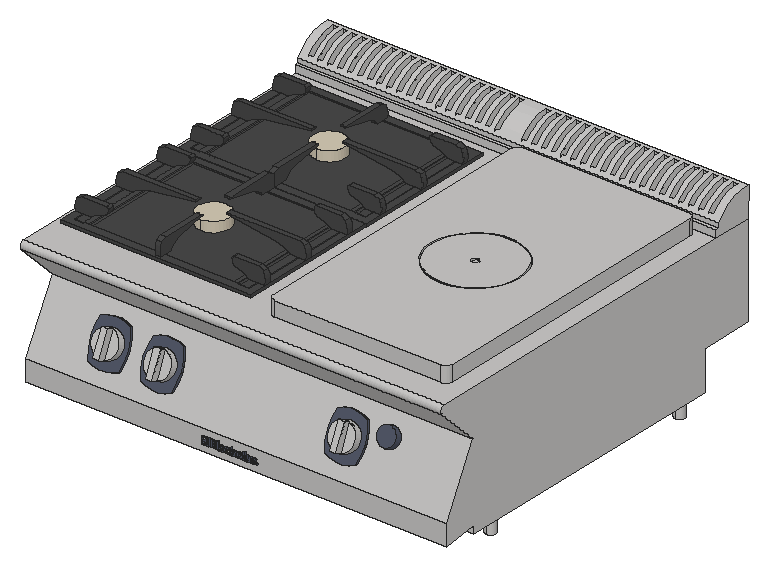
Revit family "QF_ELECTROLUXPROFESSIONAL_371011_E7STGH3000", category Specialty Equipment, Revit 2018 (continued)
Automatic sketch dimensions
  Extrusion 7 sketch curve to Extrusion 7 sketch curve = 0.787 mm
  Extrusion 7 sketch curve to Extrusion 7 sketch curve = 0.618 mm
  Extrusion 7 sketch curve to Extrusion 7 sketch curve = 1.672 mm
  Extrusion 7 sketch curve to Extrusion 7 sketch curve = 1.361 mm
  Extrusion 7 sketch curve to Extrusion 7 sketch curve = 0.822 mm
  Extrusion 7 sketch curve to Extrusion 7 sketch curve = 0.069 mm
  Extrusion 7 sketch curve to Extrusion 7 sketch curve = 1.88 mm
  Extrusion 7 sketch curve to Extrusion 7 sketch curve = 0.42 mm
  Extrusion 7 sketch curve to Extrusion 7 sketch curve = 0.062 mm
  Extrusion 7 sketch curve to Extrusion 7 sketch curve = 1.355 mm
  Extrusion 7 sketch curve to Extrusion 7 sketch curve = 2.34 mm
  Extrusion 7 sketch curve to Extrusion 7 sketch curve = 0.493 mm
  Extrusion 7 sketch curve to Extrusion 7 sketch curve = 0.136 mm
  Extrusion 7 sketch curve to Extrusion 7 sketch curve = 0.128 mm
  Extrusion 7 sketch curve to Extrusion 7 sketch curve = 3.616 mm
  Extrusion 7 sketch curve to Extrusion 7 sketch curve = 4.207 mm
  Extrusion 7 sketch curve to Extrusion 7 sketch curve = 0.183 mm
  Extrusion 7 sketch curve to Extrusion 7 sketch curve = 0.895 mm
  Extrusion 7 sketch curve to Extrusion 7 sketch curve = 1.314 mm
  Extrusion 7 sketch curve to Extrusion 7 sketch curve = 3.231 mm
  Extrusion 7 sketch curve to Extrusion 7 sketch curve = 1.299 mm
  Extrusion 7 sketch curve to Extrusion 7 sketch curve = 1.214 mm
  plane 7 "Center Y" to Extrusion 7 sketch curve = 12.508 mm
  Extrusion 7 sketch curve to Extrusion 7 sketch curve = 1.264 mm
  Extrusion 7 sketch curve to Extrusion 7 sketch curve = 0.109 mm
  Extrusion 7 sketch curve to Extrusion 7 sketch curve = 0.357 mm
  Extrusion 7 sketch curve to Extrusion 7 sketch curve = 0.565 mm
  Extrusion 7 sketch curve to Extrusion 7 sketch curve = 2.504 mm
  Extrusion 7 sketch curve to Extrusion 7 sketch curve = 2.459 mm
  Extrusion 7 sketch curve to Extrusion 7 sketch curve = 2.708 mm
  Extrusion 7 sketch curve to Extrusion 7 sketch curve = 3.333 mm
  Extrusion 7 sketch curve to Extrusion 7 sketch curve = 0.332 mm
  Extrusion 7 sketch curve to Extrusion 7 sketch curve = 1.087 mm
  Extrusion 7 sketch curve to Extrusion 7 sketch curve = 2.23 mm
  Extrusion 7 sketch curve to Extrusion 7 sketch curve = 2.757 mm
  Extrusion 7 sketch curve to Extrusion 7 sketch curve = 0.987 mm
  Extrusion 7 sketch curve to Extrusion 7 sketch curve = 1.529 mm
  Extrusion 7 sketch curve to Extrusion 7 sketch curve = 1.796 mm
  Extrusion 7 sketch curve to Extrusion 7 sketch curve = 2.859 mm
  Extrusion 7 sketch curve to Extrusion 7 sketch curve = 0.853 mm
  Extrusion 7 sketch curve to Extrusion 7 sketch curve = 1.241 mm
  Extrusion 7 sketch curve to Extrusion 7 sketch curve = 2.046 mm  (x2)
  Extrusion 7 sketch curve to Extrusion 7 sketch curve = 2.422 mm
  Extrusion 7 sketch curve to Extrusion 7 sketch curve = 0.27 mm  (x2)
  Extrusion 7 sketch curve to Extrusion 7 sketch curve = 0.69 mm
  Extrusion 7 sketch curve to Extrusion 7 sketch curve = 0.781 mm  (x2)
  Extrusion 7 sketch curve to Extrusion 7 sketch curve = 3.136 mm
  Extrusion 7 sketch curve to Extrusion 7 sketch curve = 1.767 mm
  Extrusion 7 sketch curve to Extrusion 7 sketch curve = 0.138 mm
  Extrusion 7 sketch curve to Extrusion 7 sketch curve = 0.777 mm
  Extrusion 7 sketch curve to Extrusion 7 sketch curve = 1.19 mm
  Extrusion 7 sketch curve to Extrusion 7 sketch curve = 0.782 mm
  Extrusion 7 sketch curve to Extrusion 7 sketch curve = 1.268 mm
  Extrusion 7 sketch curve to Extrusion 7 sketch curve = 0.422 mm  (x2)
  Extrusion 7 sketch curve to Extrusion 7 sketch curve = 1.559 mm
  Extrusion 7 sketch curve to Extrusion 7 sketch curve = 3.927 mm
  Extrusion 7 sketch curve to Extrusion 7 sketch curve = 0.983 mm
  Extrusion 7 sketch curve to Extrusion 7 sketch curve = 1.122 mm
  Extrusion 7 sketch curve to Extrusion 7 sketch curve = 1.153 mm
  Extrusion 7 sketch curve to Extrusion 7 sketch curve = 1.223 mm
  Extrusion 7 sketch curve to Extrusion 7 sketch curve = 0.934 mm
  plane 7 "Center Y" to Extrusion 7 sketch curve = 2.676 mm
  Extrusion 7 sketch curve to Extrusion 7 sketch curve = 0.222 mm
  plane 7 "Center Y" to Extrusion 7 sketch curve = 1.293 mm
  Extrusion 7 sketch curve to plane 7 "Center Y" = 1.266 mm
  Extrusion 7 sketch curve to Extrusion 7 sketch curve = 2.51 mm
  Extrusion 7 sketch curve to Extrusion 7 sketch curve = 0.131 mm
  Extrusion 7 sketch curve to Extrusion 7 sketch curve = 1.134 mm
  Extrusion 7 sketch curve to Extrusion 7 sketch curve = 0.094 mm
  Extrusion 7 sketch curve to Extrusion 7 sketch curve = 1.584 mm
  Extrusion 7 sketch curve to Extrusion 7 sketch curve = 1.501 mm
  Extrusion 7 sketch curve to Extrusion 7 sketch curve = 1.808 mm
  Extrusion 7 sketch curve to Extrusion 7 sketch curve = 0.643 mm
  Extrusion 7 sketch curve to Extrusion 7 sketch curve = 0.916 mm
  Extrusion 7 sketch curve to Extrusion 7 sketch curve = 0.352 mm
  Extrusion 7 sketch curve to Extrusion 7 sketch curve = 0.458 mm
  Extrusion 7 sketch curve to Extrusion 7 sketch curve = 1.282 mm
  Extrusion 7 sketch curve to Extrusion 7 sketch curve = 1.363 mm
  Extrusion 7 sketch curve to Extrusion 7 sketch curve = 0.685 mm
  Extrusion 7 sketch curve to Extrusion 7 sketch curve = 0.905 mm
  Extrusion 7 sketch curve to Extrusion 7 sketch curve = 2.865 mm
  Extrusion 7 sketch curve to Extrusion 7 sketch curve = 0.472 mm
  Extrusion 7 sketch curve to Extrusion 7 sketch curve = 0.101 mm
  Extrusion 7 sketch curve to Extrusion 7 sketch curve = 0.54 mm
  Extrusion 7 sketch curve to Extrusion 7 sketch curve = 0.02 mm
  Extrusion 7 sketch curve to Extrusion 7 sketch curve = 0.468 mm
  Extrusion 7 sketch curve to Extrusion 7 sketch curve = 0.829 mm
  Extrusion 7 sketch curve to Extrusion 7 sketch curve = 0.582 mm
  Extrusion 7 sketch curve to Extrusion 7 sketch curve = 0.166 mm
  Extrusion 7 sketch curve to Extrusion 7 sketch curve = 0.16 mm
  Extrusion 7 sketch curve to Extrusion 7 sketch curve = 2.781 mm
  Extrusion 7 sketch curve to Extrusion 7 sketch curve = 1.118 mm
  Extrusion 7 sketch curve to Extrusion 7 sketch curve = 0.613 mm
  Extrusion 7 sketch curve to Extrusion 7 sketch curve = 0.361 mm
  Extrusion 7 sketch curve to Extrusion 7 sketch curve = 0.897 mm
  Extrusion 7 sketch curve to Extrusion 7 sketch curve = 0.167 mm
  Extrusion 7 sketch curve to Extrusion 7 sketch curve = 0.292 mm
  Extrusion 7 sketch curve to Extrusion 7 sketch curve = 0.305 mm
  Extrusion 7 sketch curve to Extrusion 7 sketch curve = 1.557 mm
  Extrusion 7 sketch curve to Extrusion 7 sketch curve = 2.499 mm
  Extrusion 7 sketch curve to Extrusion 7 sketch curve = 3.062 mm
  Extrusion 7 sketch curve to Extrusion 7 sketch curve = 2.968 mm
  Extrusion 7 sketch curve to Extrusion 7 sketch curve = 5.044 mm
  Extrusion 7 sketch curve to Extrusion 7 sketch curve = 0.629 mm  (x2)
  Extrusion 7 sketch curve to Extrusion 7 sketch curve = 1.131 mm
  Extrusion 7 sketch curve to Extrusion 7 sketch curve = 0.137 mm
  Extrusion 7 sketch curve to Extrusion 7 sketch curve = 0.027 mm
  Extrusion 7 sketch curve to Extrusion 7 sketch curve = 2.235 mm
  plane 7 "Center Y" to Extrusion 8 sketch curve = 157.596 mm
  Extrusion 8 sketch curve to Extrusion 8 sketch curve = 0 mm
  Extrusion 8 sketch curve to Extrusion 8 sketch curve = 12.3 mm  (x3)
  Extrusion 8 sketch curve to Extrusion 8 sketch curve = 34.925 mm  (x2)
  Extrusion 8 sketch curve to Extrusion 8 sketch curve = 46.691 mm
  Extrusion 8 sketch curve to Extrusion 8 sketch curve = 0.617 mm
  Extrusion 8 sketch curve to Extrusion 8 sketch curve = 28.57 mm
  Extrusion 8 sketch curve to Extrusion 8 sketch curve = 29.185 mm
  Extrusion 10 sketch curve to Extrusion 10 sketch curve = 24.732 mm
  Extrusion 10 sketch curve to Extrusion 10 sketch curve = 0 mm
  plane 5 "FRONT" to Extrusion 12 sketch curve = 0 mm  (x2)
  plane 1 "BACK" to Extrusion 12 sketch curve = 0 mm
  Extrusion 12 sketch curve to plane 3 "LEFT" = 0 mm
  Extrusion 12 sketch curve to plane 4 "RIGHT" = 0 mm
  Extrusion 12 sketch curve to plane 3 "LEFT" = 150 mm
  plane 4 "RIGHT" to Extrusion 12 sketch curve = 150 mm
  Extrusion 12 sketch curve to plane 1 "BACK" = 150 mm
  plane 3 "LEFT" to Extrusion 13 sketch curve = 107.596 mm
  Extrusion 13 sketch curve to Extrusion 13 sketch curve = 0 mm
  Extrusion 13 sketch curve to Extrusion 13 sketch curve = 12.3 mm  (x3)
  Extrusion 13 sketch curve to Extrusion 13 sketch curve = 34.925 mm  (x2)
  Extrusion 13 sketch curve to Extrusion 13 sketch curve = 46.691 mm
  Extrusion 13 sketch curve to Extrusion 13 sketch curve = 0.617 mm
  Extrusion 13 sketch curve to Extrusion 13 sketch curve = 28.57 mm
  Extrusion 13 sketch curve to Extrusion 13 sketch curve = 29.185 mm
  Extrusion 15 sketch curve to Extrusion 15 sketch curve = 24.732 mm
  Extrusion 15 sketch curve to Extrusion 15 sketch curve = 0 mm
  Extrusion 16 sketch curve to plane 7 "Center Y" = 192.404 mm
  Extrusion 16 sketch curve to Extrusion 16 sketch curve = 0 mm
  Extrusion 16 sketch curve to Extrusion 16 sketch curve = 12.3 mm  (x3)
  Extrusion 16 sketch curve to Extrusion 16 sketch curve = 34.925 mm  (x2)
  Extrusion 16 sketch curve to Extrusion 16 sketch curve = 46.691 mm
  Extrusion 16 sketch curve to Extrusion 16 sketch curve = 0.617 mm
  Extrusion 16 sketch curve to Extrusion 16 sketch curve = 28.57 mm
  Extrusion 16 sketch curve to Extrusion 16 sketch curve = 29.185 mm
  Extrusion 18 sketch curve to Extrusion 18 sketch curve = 24.732 mm
  Extrusion 18 sketch curve to Extrusion 18 sketch curve = 0 mm
  curve 174 to curve 179 = 0 mm  (x3)
  curve 174 to curve 181 = 0 mm  (x3)
  curve 174 to curve 183 = 0 mm  (x2)
  curve 174 to curve 189 = 0 mm  (x3)
  curve 182 to curve 183 = 0 mm  (x2)
  curve 189 to curve 190 = 0 mm  (x3)
  curve 190 to plane 8 "Center X" = 28.272 mm
  curve 187 to curve 190 = 84.407 mm
  curve 190 to curve 179 = 0.013 mm
  curve 187 to curve 174 = 74.847 mm
  plane 8 "Center X" to curve 179 = 57.72 mm
  curve 188 to curve 179 = 76.866 mm
  curve 179 to plane 8 "Center X" = 27.3 mm
  curve 187 to curve 179 = 85.444 mm
  curve 189 to plane 8 "Center X" = 25.499 mm
  curve 185 to curve 186 = 0.013 mm
  plane 7 "Center Y" to curve 172 = 37.7 mm
  plane 7 "Center Y" to curve 176 = 37.7 mm
  plane 7 "Center Y" to curve 185 = 25 mm
  plane 1 "BACK" to curve 171 = 95 mm
  curve 189 to curve 181 = 2.47 mm
  curve 184 to curve 183 = 7 mm
  curve 180 to plane 5 "FRONT" = 70.4 mm
  Extrusion 19 sketch curve to Extrusion 19 sketch curve = 0 mm  (x3)
  plane 1 "BACK" to Extrusion 19 sketch curve = 82.3 mm
  Extrusion 19 sketch curve to Extrusion 19 sketch curve = 12.7 mm  (x3)
  plane 8 "Center X" to Extrusion 19 sketch curve = 15.607 mm
  Extrusion 19 sketch curve to plane 8 "Center X" = 25.976 mm
  Extrusion 19 sketch curve to plane 8 "Center X" = 26.765 mm
  Extrusion 19 sketch curve to Extrusion 19 sketch curve = 0.351 mm
  Extrusion 19 sketch curve to Extrusion 19 sketch curve = 0.184 mm
  Extrusion 19 sketch curve to Extrusion 19 sketch curve = 0.207 mm
  Extrusion 19 sketch curve to Extrusion 19 sketch curve = 84.864 mm
  Extrusion 19 sketch curve to plane 5 "FRONT" = 70.4 mm  (x2)
  Extrusion 19 sketch curve to Extrusion 19 sketch curve = 73.777 mm
  Extrusion 19 sketch curve to Extrusion 19 sketch curve = 0.01 mm
  Extrusion 19 sketch curve to Extrusion 19 sketch curve = 0.014 mm
  plane 7 "Center Y" to Extrusion 19 sketch curve = 37.7 mm
  Extrusion 20 sketch curve to plane 8 "Center X" = 20.3 mm
  Extrusion 20 sketch curve to Extrusion 20 sketch curve = 7 mm
  curve 157 to curve 159 = 9.397 mm
  curve 159 to curve 161 = 9.296 mm
  Extrusion 11 sketch curve to plane 4 "RIGHT" = 137.817 mm
  curve 174 to curve 182 = 0 mm
  curve 174 to curve 184 = 0 mm
  curve 174 to curve 190 = 0 mm
  curve 179 to curve 181 = 0 mm
  curve 179 to curve 182 = 0 mm
  curve 179 to curve 183 = 0 mm
  curve 179 to curve 184 = 0 mm
  curve 179 to curve 189 = 0 mm
  curve 179 to curve 190 = 0 mm
  curve 181 to curve 182 = 0 mm
  curve 181 to curve 183 = 0 mm
  curve 181 to curve 184 = 0 mm
  curve 181 to curve 189 = 0 mm
  curve 181 to curve 190 = 0 mm
  curve 182 to curve 184 = 0 mm
  curve 182 to curve 189 = 0 mm
  curve 182 to curve 190 = 0 mm
  curve 183 to curve 184 = 0 mm
  curve 183 to curve 189 = 0 mm
  curve 183 to curve 190 = 0 mm
  curve 184 to curve 189 = 0 mm
  curve 184 to curve 190 = 0 mm
  curve 174 to curve 186 = 84.704 mm
  curve 177 to curve 180 = 12.7 mm
  curve 178 to curve 175 = 12.7 mm
  plane 7 "Center Y" to Extrusion 19 sketch curve = 109.645 mm
  Extrusion 19 sketch curve to plane 4 "RIGHT" = 47.7 mm
  Extrusion 20 sketch curve to Extrusion 20 sketch curve = 0 mm
  plane 7 "Center Y" to Extrusion 20 sketch curve = 195.13 mm
  plane 5 "FRONT" to curve 1 = 0.129 mm
  radius of Extrusion 4 sketch curve = 6.35 mm
  radius of Extrusion 9 sketch curve = 25.4 mm
  radius of Extrusion 10 sketch curve to Extrusion 9 = 0 mm  (x2)
  radius of Extrusion 11 sketch curve = 17.78 mm
  radius of Extrusion 14 sketch curve = 25.4 mm
  radius of Extrusion 15 sketch curve to Extrusion 14 = 0 mm  (x2)
  radius of Extrusion 17 sketch curve = 25.4 mm
  radius of Extrusion 18 sketch curve to Extrusion 17 = 0 mm  (x2)
  radius of Extrusion 19 sketch curve = 82.55 mm
  radius of Extrusion 19 sketch curve = 7 mm
Nested families
  nested 1: "371009_BURNER" at (4.358, -6.2, -576.213), type "371009_BURNER"
    with Type Mark "", Status "", Specification by User "", Revision Code "", Item Number "", Installed By "", Identify Quantity as Lot yes, Furnished By "", Foodservice Equipment Identifier yes
  nested 2: "371009_BURNER" at (4.358, -740.327, -576.213), type "371009_BURNER"
    with Type Mark "", Status "", Specification by User "", Revision Code "", Item Number "", Installed By "", Identify Quantity as Lot yes, Furnished By "", Foodservice Equipment Identifier yes
Connectors
  piping at (400, -76.2, 60.325), diameter 12.8
    settings: on Extrusion 4, index 1, connector inside diameter 0.50394", connector length 0 mm, flow factor 0, pipe flow 0 GPM, pressure drop 0.00 psi, fitting loss kfactor 0, connector angle 0.00°, fixture units 0, engagement length 0 mm, angle of deflection 0.00°, flow configuration 1, flow direction 1, fitting loss method 0, system type 7, joint type 0, gender type 0, connector reference index -1, connector utility 0, adjustable connector no, is connector primary yes, connector description "Gas Inlet"
Definition of nested family "371009_BURNER"
  Parameters
    Weight in Pounds = 0
    URL Cutsheet = ""
    URL = "www.electrolux.com"
    Type Mark [instance] = ""
    Status [instance] = ""
    Specification by User [instance] = ""
    Specification by Manufacturer = ""
    Serial Number = ""
    Seismic Rating = ""
    SMACNA No = ""
    Revision Code [instance] = ""
    Omniclass Number and Title = ""
    NAFEM Spec ID Number = ""
    Model = "371009"
    Masterspec = ""
    Manufacturer = "ELECTROLUX"
    Item Number [instance] = ""
    Installed By [instance] = ""
    Identify Quantity as Lot [instance] = yes
    Furnished By [instance] = ""
    Foodservice Equipment Identifier [instance] = yes
    Description = ""
    CSI MasterFormat = ""
    CSI Master Format = ""
  Reference planes
    plane 1 "BACK": y = 0
    plane 2: z = 0
    plane 3 "LEFT": x = 0
    plane 4 "RIGHT": x = 800
    plane 5 "FRONT": y = -700
    plane 6 "TOP": z = 908.85
    plane 7 "Center Y": x = 400
    plane 8 "Center X": y = -350
    plane 9 "Base": z = 150
    plane 10: z = 850.85
  Forms (mm)
    Extrusion 1, solid
      sketch origin (0, -734.127, 5) x (1, 0, 0) y (0, 0, -1)
        loop
          arc (7.142, -850.85) -> (6.739, -862.989) -> (9.761, -874.752) r 42.809
          line (9.761, -874.752) -> (19.961, -879.425) -> (157.339, -879.425)
          arc (157.339, -879.425) -> (158.533, -878.312) -> (157.506, -877.043) r 1.197
          line (157.506, -877.043) -> (64.848, -864.021)
          arc (64.848, -864.021) -> (50.111, -858.738) -> (36.589, -850.85) r 85.245
          line (36.589, -850.85) -> (7.142, -850.85)
        loop
          line (367.858, -850.85) -> (338.411, -850.85)
          arc (338.411, -850.85) -> (324.889, -858.738) -> (310.152, -864.021) r 85.245
          line (310.152, -864.021) -> (217.494, -877.043)
          arc (217.494, -877.043) -> (216.467, -878.312) -> (217.661, -879.425) r 1.197
          line (217.661, -879.425) -> (355.039, -879.425) -> (365.239, -874.752)
          arc (365.239, -874.752) -> (368.261, -862.989) -> (367.858, -850.85) r 42.809
      from 224.564 to 234.564
    Extrusion 2, solid
      sketch origin (0, -734.127, 5) x (1, 0, 0) y (0, 0, -1)
        loop
          arc (7.056, -850.85) -> (6.705, -862.948) -> (9.748, -874.663) r 42.876
          line (9.748, -874.663) -> (19.961, -879.425) -> (65.851, -879.425)
          arc (65.851, -879.425) -> (68.577, -878.352) -> (69.841, -875.709) r 4
          arc (69.841, -875.709) -> (68.75, -869.25) -> (64.816, -864.012) r 13.87
          arc (64.816, -864.012) -> (50.096, -858.731) -> (36.589, -850.85) r 85.245
          line (36.589, -850.85) -> (7.056, -850.85)
        loop
          line (367.944, -850.85) -> (338.411, -850.85)
          arc (338.411, -850.85) -> (324.904, -858.731) -> (310.184, -864.012) r 85.245
          arc (310.184, -864.012) -> (306.25, -869.25) -> (305.159, -875.709) r 13.87
          arc (305.159, -875.709) -> (306.423, -878.352) -> (309.149, -879.425) r 4
          line (309.149, -879.425) -> (355.039, -879.425) -> (365.252, -874.663)
          arc (365.252, -874.663) -> (368.295, -862.948) -> (367.944, -850.85) r 42.876
      from 127.064 to 137.064
    Extrusion 3, solid
      sketch origin (0, -275, 5) x (1, 0, 0) y (0, 0, 1)
        loop
          arc (64.816, 864.012) -> (68.75, 869.25) -> (69.841, 875.709) r 13.87
          arc (69.841, 875.709) -> (68.577, 878.352) -> (65.851, 879.425) r 4
          line (65.851, 879.425) -> (19.961, 879.425) -> (9.748, 874.663)
          arc (9.748, 874.663) -> (6.705, 862.948) -> (7.056, 850.85) r 42.876
          line (7.056, 850.85) -> (36.589, 850.85)
          arc (36.589, 850.85) -> (50.096, 858.731) -> (64.816, 864.012) r 85.245
        loop
          arc (310.184, 864.012) -> (324.904, 858.731) -> (338.411, 850.85) r 85.245
          line (338.411, 850.85) -> (367.944, 850.85)
          arc (367.944, 850.85) -> (368.295, 862.948) -> (365.252, 874.663) r 42.876
          line (365.252, 874.663) -> (355.039, 879.425) -> (309.149, 879.425)
          arc (309.149, 879.425) -> (306.423, 878.352) -> (305.159, 875.709) r 4
          arc (305.159, 875.709) -> (306.25, 869.25) -> (310.184, 864.012) r 13.87
      from 127.064 to 137.064
    Extrusion 4, solid
      sketch origin (454.964, -29.48, 5) x (0, -1, 0) y (0, 0, 1)
        loop
          arc (366.649, 850.85) -> (375.927, 861.743) -> (389.337, 866.736) r 28.426
          line (389.337, 866.736) -> (441.256, 877.043)
          arc (441.256, 877.043) -> (442.283, 878.312) -> (441.089, 879.425) r 1.197
          line (441.089, 879.425) -> (347.797, 879.425)
          arc (347.797, 879.425) -> (343.211, 875.934) -> (337.583, 874.694) r 13.39
          line (337.583, 874.694) -> (337.583, 850.85) -> (366.649, 850.85)
        loop
          arc (606.236, 850.85) -> (606.587, 862.948) -> (603.543, 874.663) r 42.876
          line (603.543, 874.663) -> (593.33, 879.425) -> (509.077, 879.425)
          arc (509.077, 879.425) -> (507.883, 878.312) -> (508.911, 877.043) r 1.197
          line (508.911, 877.043) -> (560.83, 866.736)
          arc (560.83, 866.736) -> (574.239, 861.743) -> (583.518, 850.85) r 28.426
          line (583.518, 850.85) -> (606.236, 850.85)
      from 262.464 to 272.464
    Extrusion 5, solid
      sketch origin (0, 0, 850.85) x (0, -1, 0) y (1, 0, 0)
        loop
          line (642.216, 6.433) -> (642.216, 368.567) -> (367.857, 368.567) -> (367.857, 6.433) -> (642.216, 6.433)
        loop
          line (382.857, 21.433) -> (627.216, 21.433) -> (627.216, 353.567) -> (382.857, 353.567) -> (382.857, 21.433)
      from 0 to 5
    Extrusion 6, solid
      sketch origin (-12.5, 0, 855.85) x (0, -1, 0) y (1, 0, 0)
        loop
          circle (504.356, 200) r 30
      from -1.321 to 17.134
    Extrusion 7, solid
      sketch origin (0, -734.127, 0) x (1, 0, 0) y (0, 0, -1)
        loop
          line (21.433, -855.85) -> (36.589, -855.85)
          arc (36.589, -855.85) -> (40.561, -855.243) -> (44.305, -853.783) r 18.259
          arc (44.305, -853.783) -> (45.997, -853.366) -> (47.69, -853.783) r 3.649
          arc (47.69, -853.783) -> (49.901, -854.522) -> (52.232, -854.529) r 7.328
          line (52.232, -854.529) -> (322.768, -854.529)
          arc (322.768, -854.529) -> (325.099, -854.522) -> (327.31, -853.783) r 7.328
          arc (327.31, -853.783) -> (329.003, -853.366) -> (330.695, -853.783) r 3.649
          arc (330.695, -853.783) -> (334.439, -855.243) -> (338.411, -855.85) r 18.259
          line (338.411, -855.85) -> (353.567, -855.85) -> (353.567, -850.85) -> (21.433, -850.85) -> (21.433, -855.85)
      from 106.911 to 351.27
  Lines and regions (mm)
    symbolic lines
      curve 1: line (6.433, -642.216, 150) -> (368.567, -642.216, 150)
      curve 2: line (6.433, -367.857, 150) -> (6.433, -642.216, 150)
      curve 3: line (368.567, -367.857, 150) -> (192.5, -367.857, 150)
      curve 4: line (368.567, -642.216, 150) -> (368.567, -367.857, 150)
      curve 5: line (353.567, -382.857, 150) -> (192.5, -382.857, 150)
      curve 6: line (353.567, -627.216, 150) -> (353.567, -607.064, 150)
      curve 7: line (21.433, -627.216, 150) -> (182.5, -627.216, 150)
      curve 8: line (21.433, -382.857, 150) -> (21.433, -402.064, 150)
      curve 9: line (52.232, -627.216, 150) -> (52.232, -607.064, 150)
      curve 10: line (322.567, -382.857, 150) -> (322.567, -402.064, 150)
      curve 11: line (148.125, -499.564, 150) -> (148.125, -382.857, 150)
      curve 12: line (154.375, -382.857, 150) -> (154.375, -499.564, 150)
      curve 13: arc (148.297, -509.564, 150) -> (159.191, -533.254, 150) -> (182.5, -544.942, 150) r 39.375
      curve 14: arc (220.42, -509.564, 150) -> (211.39, -528.832, 150) -> (192.5, -538.631, 150) r 33.125
      curve 15: line (220.625, -382.857, 150) -> (220.625, -499.564, 150)
      curve 16: line (226.875, -499.564, 150) -> (226.875, -382.857, 150)
      curve 17: line (192.5, -636.339, 150) -> (192.5, -535.619, 150)
      curve 18: arc (182.657, -474.75, 150) -> (166.195, -483.236, 150) -> (157.853, -499.771, 150) r 30
      curve 19: arc (192.224, -533.982, 150) -> (208.621, -525.661, 150) -> (217.084, -509.337, 150) r 30
      curve 20: line (368.567, -597.064, 150) -> (305.159, -597.064, 150)
      curve 21: line (6.433, -607.064, 150) -> (69.841, -607.064, 150)
      curve 22: line (6.433, -509.564, 150) -> (156.429, -509.564, 150)
      curve 23: line (368.567, -499.564, 150) -> (218.571, -499.564, 150)
      curve 24: line (6.433, -412.064, 150) -> (69.841, -412.064, 150)
      curve 25: line (368.567, -402.064, 150) -> (305.159, -402.064, 150)
      curve 26: line (69.841, -597.064, 150) -> (6.433, -597.064, 150)
      curve 27: line (305.159, -607.064, 150) -> (368.567, -607.064, 150)
      curve 28: line (69.841, -402.064, 150) -> (6.433, -402.064, 150)
      curve 29: line (305.159, -412.064, 150) -> (368.567, -412.064, 150)
      curve 30: arc (69.841, -597.064, 150) -> (74.841, -602.064, 150) -> (69.841, -607.064, 150) r 5
      curve 31: arc (305.159, -607.064, 150) -> (300.159, -602.064, 150) -> (305.159, -597.064, 150) r 5
      curve 32: arc (69.841, -402.064, 150) -> (74.841, -407.064, 150) -> (69.841, -412.064, 150) r 5
      curve 33: arc (305.159, -412.064, 150) -> (300.159, -407.064, 150) -> (305.159, -402.064, 150) r 5
      curve 34: line (21.433, -412.064, 150) -> (21.433, -499.564, 150)
      curve 35: line (52.232, -402.064, 150) -> (52.232, -382.857, 150)
      curve 36: line (21.433, -509.564, 150) -> (21.433, -597.064, 150)
      curve 37: line (52.232, -499.564, 150) -> (52.232, -412.064, 150)
      curve 38: line (52.232, -597.064, 150) -> (52.232, -509.564, 150)
      curve 39: line (21.433, -607.064, 150) -> (21.433, -627.216, 150)
      curve 40: line (322.567, -607.064, 150) -> (322.567, -627.216, 150)
      curve 41: line (353.567, -597.064, 150) -> (353.567, -509.564, 150)
      curve 42: line (322.567, -509.564, 150) -> (322.567, -597.064, 150)
      curve 43: line (353.567, -499.564, 150) -> (353.567, -412.064, 150)
      curve 44: line (353.567, -402.064, 150) -> (353.567, -382.857, 150)
      curve 45: line (322.567, -412.064, 150) -> (322.567, -499.564, 150)
      curve 46: line (156.429, -499.564, 150) -> (6.433, -499.564, 150)
      curve 47: line (218.571, -509.564, 150) -> (368.567, -509.564, 150)
      curve 48: arc (218.571, -499.564, 150) -> (213.571, -504.564, 150) -> (218.571, -509.564, 150) r 5
      curve 49: arc (156.429, -499.564, 150) -> (161.429, -504.564, 150) -> (156.429, -509.564, 150) r 5
      curve 50: arc (157.916, -509.337, 150) -> (166.379, -525.661, 150) -> (182.776, -533.982, 150) r 30
      curve 51: arc (217.147, -499.771, 150) -> (208.805, -483.236, 150) -> (192.343, -474.75, 150) r 30
      curve 52: line (182.5, -535.619, 150) -> (182.5, -636.339, 150)
      curve 53: line (192.5, -473.508, 150) -> (192.5, -367.064, 150)
      curve 54: arc (192.5, -535.619, 150) -> (187.5, -530.619, 150) -> (182.5, -535.619, 150) r 5
      curve 55: arc (192.5, -473.508, 150) -> (187.5, -478.508, 150) -> (182.5, -473.508, 150) r 5
      curve 56: line (182.5, -367.857, 150) -> (6.433, -367.857, 150)
      curve 57: line (182.5, -382.857, 150) -> (21.433, -382.857, 150)
      curve 58: arc (192.5, -404.571, 150) -> (196.398, -417.071, 150) -> (192.5, -429.571, 150) r 21.993
      curve 59: arc (196.181, -420.148, 150) -> (199.482, -417.071, 150) -> (196.181, -413.995, 150) r 3.084
      curve 60: arc (182.5, -404.571, 150) -> (178.602, -417.071, 150) -> (182.5, -429.571, 150) r 21.993
      curve 61: arc (178.819, -420.148, 150) -> (175.518, -417.071, 150) -> (178.819, -413.995, 150) r 3.084
      curve 62: line (182.5, -367.064, 150) -> (182.5, -473.508, 150)
      curve 63: arc (182.5, -538.631, 150) -> (163.61, -528.832, 150) -> (154.58, -509.564, 150) r 33.125
      curve 64: arc (192.5, -544.942, 150) -> (215.809, -533.254, 150) -> (226.703, -509.564, 150) r 39.375
      curve 65: line (182.5, -636.339, 150) -> (192.5, -636.339, 150)
      curve 66: line (182.5, -377.277, 150) -> (192.5, -377.277, 150)
      curve 67: line (182.5, -367.064, 150) -> (192.5, -367.064, 150)
      curve 68: line (192.5, -627.216, 150) -> (353.567, -627.216, 150)
  Dimensions and locks
    equal spacing: plane 3 "LEFT", plane 7 "Center Y", plane 4 "RIGHT"
    plane 3 "LEFT" to plane 4 "RIGHT" = 800 mm
    equal spacing: plane 5 "FRONT", plane 8 "Center X", plane 1 "BACK"
    plane 5 "FRONT" to plane 1 "BACK" = 700 mm
    plane 6 "TOP" to level = 908.85 mm
    plane 9 "Base" to level = 150 mm
    plane 6 "TOP" to plane 10 = 58 mm  (x2)
    aligned and locked: level to plane 2
  Automatic sketch dimensions
    Extrusion 5 sketch curve to Extrusion 5 sketch curve = 15 mm  (x2)
    Extrusion 5 sketch curve to Extrusion 5 sketch curve = 332.134 mm
    plane 3 "LEFT" to Extrusion 2 sketch curve = 7.056 mm
    plane 3 "LEFT" to Extrusion 2 sketch curve = 9.748 mm
    Extrusion 2 sketch curve to Extrusion 2 sketch curve = 10.213 mm  (x2)
    plane 10 to Extrusion 2 sketch curve = 5 mm  (x2)
    Extrusion 2 sketch curve to Extrusion 2 sketch curve = 29.533 mm
    Extrusion 2 sketch curve to Extrusion 2 sketch curve = 12.72 mm  (x2)
    Extrusion 2 sketch curve to Extrusion 2 sketch curve = 6.697 mm
    Extrusion 2 sketch curve to Extrusion 2 sketch curve = 8.81 mm
    Extrusion 2 sketch curve to Extrusion 2 sketch curve = 9.845 mm  (x2)
    Extrusion 2 sketch curve to Extrusion 2 sketch curve = 3.99 mm  (x2)
    Extrusion 2 sketch curve to Extrusion 2 sketch curve = 0 mm  (x2)
    Extrusion 2 sketch curve to Extrusion 2 sketch curve = 36.813 mm
    Extrusion 2 sketch curve to plane 7 "Center Y" = 111.122 mm
    Extrusion 2 sketch curve to plane 6 "TOP" = 28.141 mm
    Extrusion 2 sketch curve to plane 7 "Center Y" = 94.841 mm
    Extrusion 2 sketch curve to Extrusion 2 sketch curve = 1.035 mm
    Extrusion 2 sketch curve to Extrusion 2 sketch curve = 15.507 mm
    Extrusion 2 sketch curve to Extrusion 2 sketch curve = 16.628 mm
    Extrusion 2 sketch curve to Extrusion 2 sketch curve = 2.692 mm
    Extrusion 2 sketch curve to plane 6 "TOP" = 24.425 mm
    Extrusion 2 sketch curve to Extrusion 2 sketch curve = 28.575 mm
    Extrusion 2 sketch curve to Extrusion 2 sketch curve = 3.716 mm
    Extrusion 2 sketch curve to Extrusion 2 sketch curve = 4.763 mm  (x2)
    plane 3 "LEFT" to Extrusion 1 sketch curve = 7.142 mm
    plane 3 "LEFT" to Extrusion 1 sketch curve = 9.761 mm
    Extrusion 1 sketch curve to Extrusion 1 sketch curve = 10.201 mm  (x2)
    plane 10 to Extrusion 1 sketch curve = 5 mm  (x2)
    Extrusion 1 sketch curve to Extrusion 1 sketch curve = 29.447 mm
    Extrusion 1 sketch curve to Extrusion 1 sketch curve = 12.704 mm  (x2)
    Extrusion 1 sketch curve to Extrusion 1 sketch curve = 15.555 mm  (x2)
    Extrusion 1 sketch curve to Extrusion 1 sketch curve = 36.829 mm
    Extrusion 1 sketch curve to plane 6 "TOP" = 24.425 mm  (x2)
    Extrusion 1 sketch curve to Extrusion 1 sketch curve = 92.491 mm
    Extrusion 1 sketch curve to plane 6 "TOP" = 26.807 mm  (x2)
    Extrusion 1 sketch curve to Extrusion 1 sketch curve = 0.167 mm  (x2)
    Extrusion 1 sketch curve to Extrusion 1 sketch curve = 59.988 mm
    Extrusion 1 sketch curve to plane 7 "Center Y" = 111.122 mm
    plane 10 to Extrusion 1 sketch curve = 18.171 mm
    Extrusion 1 sketch curve to Extrusion 1 sketch curve = 21.274 mm
    Extrusion 1 sketch curve to Extrusion 1 sketch curve = 16.628 mm
    Extrusion 1 sketch curve to Extrusion 1 sketch curve = 2.618 mm
    Extrusion 1 sketch curve to Extrusion 1 sketch curve = 4.673 mm  (x2)
    Extrusion 1 sketch curve to Extrusion 1 sketch curve = 5.694 mm
    plane 3 "LEFT" to Extrusion 3 sketch curve = 7.056 mm
    plane 3 "LEFT" to Extrusion 3 sketch curve = 9.748 mm
    Extrusion 3 sketch curve to Extrusion 3 sketch curve = 10.213 mm  (x2)
    plane 10 to Extrusion 3 sketch curve = 5 mm  (x2)
    Extrusion 3 sketch curve to Extrusion 3 sketch curve = 29.533 mm
    Extrusion 3 sketch curve to Extrusion 3 sketch curve = 12.72 mm  (x2)
    Extrusion 3 sketch curve to Extrusion 3 sketch curve = 6.697 mm
    Extrusion 3 sketch curve to Extrusion 3 sketch curve = 8.81 mm
    Extrusion 3 sketch curve to Extrusion 3 sketch curve = 9.845 mm  (x2)
    Extrusion 3 sketch curve to Extrusion 3 sketch curve = 3.99 mm  (x2)
    Extrusion 3 sketch curve to Extrusion 3 sketch curve = 0 mm  (x2)
    Extrusion 3 sketch curve to Extrusion 3 sketch curve = 36.813 mm
    Extrusion 3 sketch curve to plane 7 "Center Y" = 111.122 mm
    Extrusion 3 sketch curve to plane 6 "TOP" = 28.141 mm
    Extrusion 3 sketch curve to plane 7 "Center Y" = 94.841 mm
    Extrusion 3 sketch curve to Extrusion 3 sketch curve = 1.035 mm
    Extrusion 3 sketch curve to Extrusion 3 sketch curve = 15.507 mm
    Extrusion 3 sketch curve to Extrusion 3 sketch curve = 16.628 mm
    Extrusion 3 sketch curve to Extrusion 3 sketch curve = 2.692 mm
    Extrusion 3 sketch curve to plane 10 = 64.377 mm  (x2)
    plane 10 to Extrusion 3 sketch curve = 12.281 mm  (x2)
    Extrusion 3 sketch curve to Extrusion 3 sketch curve = 10.713 mm
    Extrusion 5 to Extrusion 6 sketch curve = 121.499 mm
    Extrusion 5 to Extrusion 6 sketch curve = 166.067 mm
    plane 3 "LEFT" to Extrusion 5 sketch curve = 21.433 mm
    Extrusion 5 sketch curve to plane 5 "FRONT" = 72.784 mm
    plane 3 "LEFT" to Extrusion 7 sketch curve = 21.433 mm
    Extrusion 7 sketch curve to Extrusion 7 sketch curve = 14.402 mm
    plane 10 to Extrusion 7 sketch curve = 5 mm
    plane 10 to Extrusion 7 sketch curve = 2.933 mm  (x4)
    Extrusion 7 sketch curve to Extrusion 7 sketch curve = 7.716 mm  (x2)
    Extrusion 7 sketch curve to Extrusion 7 sketch curve = 0 mm  (x2)
    Extrusion 7 sketch curve to Extrusion 7 sketch curve = 1.692 mm  (x2)
    Extrusion 7 sketch curve to Extrusion 7 sketch curve = 3.385 mm  (x2)
    Extrusion 7 sketch curve to plane 10 = 3.559 mm  (x2)
    Extrusion 7 sketch curve to Extrusion 7 sketch curve = 302.478 mm
    Extrusion 7 sketch curve to Extrusion 7 sketch curve = 15.253 mm
    Extrusion 7 sketch curve to Extrusion 7 sketch curve = 15.156 mm  (x2)
    Extrusion 7 sketch curve to Extrusion 7 sketch curve = 3.233 mm
    Extrusion 7 sketch curve to plane 10 = 0 mm
    Extrusion 7 sketch curve to plane 7 "Center Y" = 77.232 mm
    Extrusion 5 sketch curve to plane 8 "Center X" = 32.857 mm
    plane 3 "LEFT" to Extrusion 5 sketch curve = 6.433 mm
    plane 1 "BACK" to Extrusion 5 sketch curve = 367.857 mm
    plane 10 to Extrusion 4 sketch curve = 5 mm  (x2)
    Extrusion 4 sketch curve to Extrusion 4 sketch curve = 29.066 mm
    Extrusion 4 sketch curve to Extrusion 4 sketch curve = 22.688 mm
    Extrusion 4 sketch curve to plane 10 = 7.392 mm  (x2)
    Extrusion 4 sketch curve to Extrusion 4 sketch curve = 25.583 mm
    Extrusion 4 sketch curve to plane 6 "TOP" = 24.425 mm  (x2)
    Extrusion 4 sketch curve to Extrusion 4 sketch curve = 51.752 mm
    Extrusion 4 sketch curve to Extrusion 4 sketch curve = 0.167 mm  (x2)
    Extrusion 4 sketch curve to plane 6 "TOP" = 26.807 mm
    Extrusion 4 sketch curve to Extrusion 4 sketch curve = 67.655 mm
    Extrusion 4 sketch curve to Extrusion 4 sketch curve = 49.024 mm
    Extrusion 4 sketch curve to Extrusion 4 sketch curve = 2.895 mm
    Extrusion 4 sketch curve to Extrusion 4 sketch curve = 3.153 mm
    Extrusion 4 sketch curve to Extrusion 4 sketch curve = 19.535 mm
    Extrusion 4 sketch curve to Extrusion 4 sketch curve = 9.813 mm
    Extrusion 4 sketch curve to Extrusion 4 sketch curve = 10.213 mm
    Extrusion 4 sketch curve to Extrusion 4 sketch curve = 22.718 mm
    Extrusion 4 sketch curve to Extrusion 4 sketch curve = 8.605 mm
    Extrusion 4 sketch curve to Extrusion 4 sketch curve = 4.731 mm
    Extrusion 4 sketch curve to Extrusion 4 sketch curve = 2.382 mm
    Extrusion 4 sketch curve to Extrusion 4 sketch curve = 8.658 mm
    Extrusion 4 sketch curve to plane 8 "Center X" = 17.064 mm
    curve 13 to curve 14 = 0 mm  (x2)
    curve 13 to curve 63 = 0 mm  (x2)
    curve 13 to curve 64 = 0 mm  (x2)
    curve 18 to curve 19 = 0 mm  (x2)
    curve 18 to curve 50 = 0 mm  (x2)
    curve 18 to curve 51 = 0 mm  (x2)
    curve 25 to plane 7 "Center Y" = 31.433 mm
    curve 3 to curve 44 = 15 mm
    curve 43 to curve 44 = 0 mm
    curve 1 to curve 68 = 15 mm
    curve 41 to curve 43 = 0 mm
    curve 6 to curve 40 = 31 mm
    curve 41 to curve 42 = 31 mm
    curve 43 to curve 45 = 31 mm
    curve 10 to curve 45 = 0 mm
    curve 40 to curve 27 = 17.408 mm
    curve 45 to curve 29 = 17.408 mm
    curve 16 to curve 64 = 0.172 mm
    curve 16 to curve 15 = 6.25 mm
    curve 64 to curve 14 = 6.283 mm
    curve 15 to curve 23 = 2.054 mm
    curve 23 to curve 51 = 1.424 mm
    curve 47 to curve 19 = 1.487 mm
    curve 15 to curve 60 = 20.029 mm
    curve 60 to curve 59 = 4.198 mm
    curve 59 to curve 59 = 0.216 mm  (x2)
    curve 19 to curve 64 = 24.584 mm
    curve 55 to curve 51 = 0.157 mm
    curve 54 to curve 19 = 0.276 mm
    curve 19 to curve 64 = 4.724 mm
    curve 18 to curve 13 = 0 mm
    curve 54 to curve 54 = 5 mm
    curve 50 to curve 54 = 0.276 mm
    curve 18 to curve 55 = 0.157 mm
    curve 60 to curve 61 = 3.681 mm
    curve 61 to curve 61 = 0 mm
    curve 61 to curve 61 = 0.216 mm
    curve 61 to curve 58 = 4.198 mm
    curve 13 to curve 50 = 29.584 mm
    curve 50 to curve 18 = 0.064 mm
    curve 50 to curve 22 = 1.487 mm
    curve 22 to curve 63 = 1.849 mm
    curve 49 to curve 12 = 2.054 mm
    curve 63 to curve 13 = 6.283 mm
    curve 12 to curve 11 = 6.25 mm
    plane 3 "LEFT" to curve 30 = 69.841 mm
    plane 3 "LEFT" to curve 28 = 69.841 mm
    plane 3 "LEFT" to curve 38 = 52.232 mm
    curve 24 to curve 37 = 17.609 mm
    curve 9 to curve 38 = 0 mm
    curve 28 to curve 35 = 17.609 mm
    plane 3 "LEFT" to curve 39 = 21.433 mm
    plane 3 "LEFT" to curve 8 = 21.433 mm
    curve 34 to curve 8 = 0 mm
    curve 36 to curve 34 = 0 mm
    plane 3 "LEFT" to curve 21 = 6.433 mm
    curve 67 to curve 56 = 0.794 mm
    curve 67 to curve 3 = 0.794 mm
    curve 56 to curve 66 = 9.419 mm
    curve 10 to curve 33 = 19.206 mm
    curve 8 to curve 8 = 19.206 mm
    curve 57 to curve 60 = 21.714 mm
    curve 60 to curve 58 = 0 mm
    curve 28 to curve 32 = 5 mm
    curve 33 to curve 33 = 5 mm
    curve 58 to curve 59 = 9.423 mm
    curve 61 to curve 58 = 3.077 mm
    curve 60 to curve 62 = 43.937 mm
    curve 51 to curve 15 = 24.814 mm
    curve 23 to curve 51 = 0.207 mm
    curve 18 to curve 13 = 1.529 mm
    curve 38 to curve 38 = 87.5 mm
    curve 42 to curve 31 = 87.5 mm
    curve 26 to curve 30 = 5 mm
    curve 31 to curve 31 = 5 mm
    curve 9 to curve 9 = 20.152 mm
    curve 65 to plane 5 "FRONT" = 63.661 mm
    curve 6 to curve 4 = 15 mm
    curve 55 to curve 55 = 5 mm
    curve 53 to curve 18 = 5 mm
    curve 45 to curve 16 = 95.692 mm
    curve 2 to curve 57 = 15 mm
    curve 10 to plane 8 "Center X" = 32.857 mm
    curve 57 to plane 8 "Center X" = 32.857 mm
    curve 6 to curve 68 = 20.152 mm
    radius of Extrusion 6 sketch curve = 30 mm
